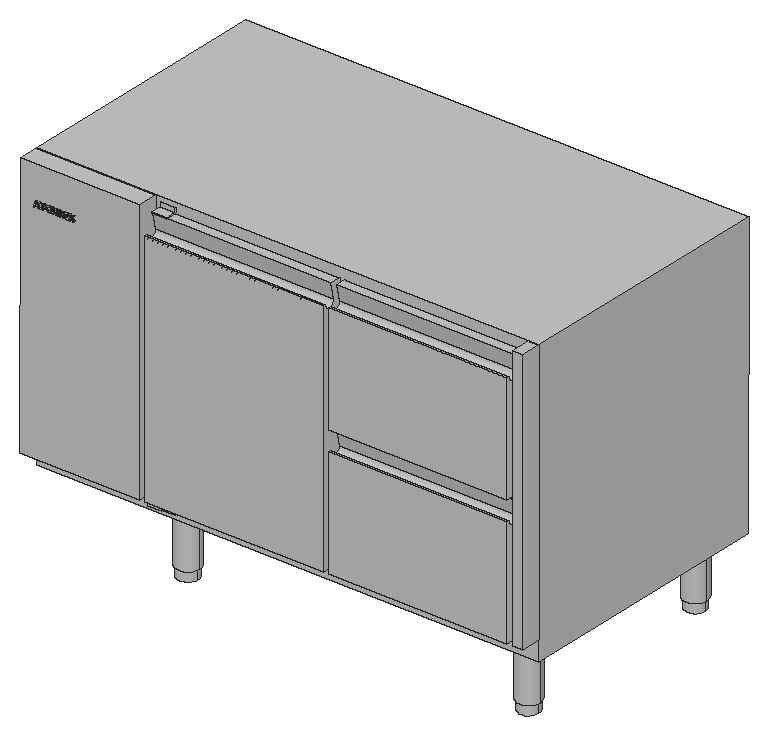
Revit family "QF_ALPENINOX_721019_AK2R7AB", category Attrezzature speciali, Revit 2018
Family settings
  Quota connettore circolare = Usa diametro
  Tipo di parte = Normale
  Basato su piano di lavoro = No
  Sempre verticale = Sì
  Taglio con vuoti quando caricato = No
  Condiviso = No
  Punto di calcolo locali = No
Parameters (values of type "Standard")
  Weight = 92.00 kg
  Watts = 220 W
  Volts = 220 V
  URL Manufacturer = "http://www.alpeninox.com"
  URL = "http://www.alpeninox.com"
  Steam Supply Size = 0 mm
  Steam Supply Minimum Pressure = 0.0 Pa
  Steam Supply Maximum Pressure = 0.0 Pa
  Steam Consumption per Hour = 0
  Refrigeration Suction Line Size = 0 mm
  Refrigeration Liquid Line Size = 0 mm
  Refrigerant Compressor Remote = yes
  Produttore = "Alpeninox"
  Phase = 1
  Modello = "AK2R7AB"
  Length Actual = 1241 mm  # constant formula
  Item Number = "721019"
  Hot Water Size = 0 mm
  Height Actual = 850 mm  # constant formula
  HP = "0.3 HP"
  Gas Size = 0 mm
  Gas KW = 0
  Gas Input Pressure = 0 W
  Direct Waste Size = 0 mm
  Descrizione = "1-DOOR AND 2X1/2-DRAWER REFRIGERATED COUNTER, -2+10°C, FULL AISI 304 (R290), WITHOUT WORK TOP"
  Depth Actual = 700 mm  # constant formula
  Cycle = 50 Hz
  Condensate Return Size = 0 mm
  Compressed Air Volume = 0.0 L/s
  Compressed Air Size = 0 mm
  Compressed Air Pressure = 0.0 Pa
  Cold Water Size = 0 mm
  Accessory = yes
Values of the unnamed type that differ from the named types
  Weight = 0.00 kg
  Watts = 0 W
  Volts = 0 V
  URL Manufacturer = ""
  Item Number = ""
  HP = ""
  Cycle = 0 Hz
Reference planes
  plane 1: z = 0
  plane 2 "Center (Left/Right)": x = -126.5
  plane 3 "Center (Front/Back)": y = 64.5
  plane 4 "FEET": z = 150
  plane 5 "TOP": z = 900
  plane 6 "PLAIN": z = 850
  plane 7 "EI_back": y = 103
  plane 8 "EI_left": x = -686
  plane 9 "BACK": y = 412
  plane 10 "FRONT": y = -283
  plane 11 "DOOR": y = -233
  plane 12 "LEFT": x = -747
  plane 13 "RIGHT": x = 494
  plane 14: x = -722
  plane 15: x = 469
Forms (mm)
  Extrusion 1, solid, material "QF_Finishes_Stainless Steel"
    sketch origin (-1022.223, -1524, 150) x (-1, 0, 0) y (0, -1, 0)
      loop
        circle (-336.223, -1627) r 5
    from 0 to -40
  Extrusion 2, solid, material "QF_Finishes_Stainless Steel"
    sketch origin (-1022.223, -1524, 150) x (-1, 0, 0) y (0, -1, 0)
      loop
        line (-1491.223, -1291) -> (-1491.223, -1241) -> (-1516.223, -1241) -> (-1516.223, -1291) -> (-1491.223, -1291)
    from 48 to 700
  Extrusion 3, solid, material "QF_Finishes_Stainless Steel"
    sketch origin (-1022.223, -1524, 150) x (-1, 0, 0) y (0, -1, 0)
      loop
        line (-275.223, -1936) -> (-275.223, -1291) -> (-1516.223, -1291) -> (-1516.223, -1936) -> (-275.223, -1936)
    from 0 to 700
Lines and regions (mm)
  symbolic lines, style "SpecialityEquipmentHiddenLines"
    curve 1: line (-747, 412, 150) -> (494, 412, 150)
    curve 2: line (-747, -283, 150) -> (-747, 412, 150)
    curve 3: line (494, -283, 150) -> (-747, -283, 150)
    curve 4: line (494, 412, 150) -> (494, -283, 150)
    curve 5: line (-747, -233, 150) -> (494, -233, 150)
    curve 6: line (469, -283, 150) -> (469, -233, 150)
Dimensions and locks
  plane 4 "FEET" to level = 150 mm
  plane 11 "DOOR" to plane 10 "FRONT" = 50 mm
  plane 6 "PLAIN" to plane 4 "FEET" = 700 mm
  plane 5 "TOP" to plane 6 "PLAIN" = 50 mm
  plane 12 "LEFT" to plane 14 = 25 mm
  plane 15 to plane 13 "RIGHT" = 25 mm
  plane 9 "BACK" to plane 7 "EI_back" = 309 mm
  plane 12 "LEFT" to plane 8 "EI_left" = 61 mm
  plane 12 "LEFT" to plane 13 "RIGHT" = 1241 mm
  equal spacing: plane 12 "LEFT", plane 2 "Center (Left/Right)", plane 13 "RIGHT"
  plane 9 "BACK" to plane 10 "FRONT" = 695 mm
  equal spacing: plane 9 "BACK", plane 3 "Center (Front/Back)", plane 10 "FRONT"
  aligned and locked: level to plane 1
  aligned and locked: plane 13 "RIGHT" to Extrusion 2
  aligned and locked: Extrusion 2 to plane 15
Automatic sketch dimensions
  Extrusion 1 sketch curve to plane 7 "EI_back" = 0 mm
  Extrusion 1 sketch curve to plane 8 "EI_left" = 0 mm
  Extrusion 2 sketch curve to plane 11 "DOOR" = 0 mm
  Extrusion 2 sketch curve to plane 13 "RIGHT" = 0 mm
  Extrusion 2 sketch curve to plane 10 "FRONT" = 0 mm
  Extrusion 2 sketch curve to plane 15 = 0 mm
  Extrusion 3 sketch curve to plane 9 "BACK" = 0 mm
  Extrusion 3 sketch curve to plane 13 "RIGHT" = 0 mm
  Extrusion 3 sketch curve to plane 11 "DOOR" = 0 mm
  Extrusion 3 sketch curve to plane 12 "LEFT" = 0 mm
  curve 1 to plane 13 "RIGHT" = 0 mm
  curve 6 to plane 10 "FRONT" = 0 mm
  curve 6 to plane 15 = 0 mm
  curve 5 to plane 12 "LEFT" = 0 mm
  curve 6 to plane 11 "DOOR" = 0 mm
  curve 1 to plane 9 "BACK" = 0 mm
  radius of Extrusion 1 sketch curve = 5 mm
Nested families
  nested 1: "HPC_Refrigerator" at (494, -283, 0), type "HPC_Refrigerator"
  nested 2: "HPC_FEET" at (-413, 331, 0), type "HPC_FEET"
  nested 3: "HPC_FEET" at (428, 331, 0), type "HPC_FEET"
  nested 4: "HPC_FEET" at (-413, -183, 0), type "HPC_FEET"
  nested 5: "HPC_FEET" at (428, -183, 0), type "HPC_FEET"
  nested 6: "HPC_APX_BI_TN_L" at (-540.08, -233, 598) x (1, 0, 0) z (0, -1, 0), type "HPC_APX_BI_TN_L"
    with Show Logo yes
  nested 7: "HPC_APX_SD_L" at (-219, -233, 512) x (1, 0, 0) z (0, -1, 0), type "HPC_APX_SD_L"
    with Show Clearance yes
  nested 8: "HPC_APX_HALF" at (235, -233, 512) x (1, 0, 0) z (0, -1, 0), type "HPC_APX_HALF"
    with Show Clearance yes
Connectors
  electrical at (-686, 103, 110), driven by "Volts"
    settings: on Extrusion 1, index 1, voltage 220 V, apparent load 0 VA, apparent load phase1 0 VA, apparent load phase2 0 VA, apparent load phase3 0 VA, power factor 1, load classification "Other", number of poles 1, system type 31, power factor state 1, is connector primary yes, connector utility no, sub classification motor no, connector description "Electrical Connection"
Definition of nested family "HPC_FEET"
  Parameters
    FEET = 150 mm
  Reference planes
    plane 1 "Center (Front/Back)": y = 0
    plane 2: z = 0
    plane 3 "Center (Left/Right)": x = 0
    plane 4: z = 150
  Forms (mm)
    Revolve 1, solid
      sketch origin (255.05, 0, 608.09) x (0, 0, 1) y (-1, 0, 0)
        loop
          line (-608.09, 255.05) -> (-608.09, 230.05) -> (-583.09, 230.05) -> (-583.09, 226.05) -> (-458.09, 226.05) -> (-458.09, 255.05) -> (-608.09, 255.05)
        axis (-608.09, 255.05) -> (-458.09, 255.05)
      angle from 0 to 360
  Dimensions and locks
    locked: Revolve 1 sketch curve to Revolve 1 sketch curve at 125
    "FEET": plane 4 to plane 2
    aligned and locked: level to plane 2
    aligned and locked: plane 4 to Revolve 1 sketch curve
    aligned and locked: Revolve 1 sketch curve to level
    aligned and locked: plane 3 "Center (Left/Right)" to Revolve 1 sketch curve
  Automatic sketch dimensions
    Revolve 1 sketch curve to plane 3 "Center (Left/Right)" = 0 mm
    Revolve 1 sketch curve to Revolve 1 sketch curve = 25 mm
    Revolve 1 sketch curve to Revolve 1 sketch curve = 29 mm
    plane 4 to Revolve 1 sketch curve = 50 mm
    Revolve 1 sketch curve to Revolve 1 sketch curve = 20 mm
Definition of nested family "HPC_APX_BI_TN_L"
  Parameters
    Show Logo [instance] = yes
    Default Elevation = 1219.2 mm
  Reference planes
    plane 1 "Center (Front/Back)": y = -74
    plane 2: z = 0
    plane 3 "Center (Left/Right)": x = -59.92
    plane 4: x = -206.92
    plane 5: x = 87.08
    plane 6: y = 252
    plane 7: y = -400
  Forms (mm)
    Extrusion 1, solid
      sketch origin (0, 0, 0) x (1, 0, 0) y (0, 1, 0)
        loop
          line (-1219.2, 1219.2) -> (-1219.2, -1219.2) -> (1219.2, -1219.2) -> (1219.2, 1219.2) -> (-1219.2, 1219.2)
      from 0 to -304.8
    Extrusion 2, solid
      sketch origin (0, 0, 0) x (1, 0, 0) y (0, 1, 0)
        loop
          line (-206.92, 252) -> (-206.92, -400) -> (87.08, -400) -> (87.08, 252) -> (-206.92, 252)
      from 0 to 50
    Extrusion 3, solid
      sketch origin (0, 0, 0) x (1, 0, 0) y (0, 1, 0)
        loop
          line (-168.675, 170.349) -> (-172.411, 160.318)
          arc (-172.411, 160.318) -> (-171.624, 158.497) -> (-169.837, 159.36) r 1.374
          line (-169.837, 159.36) -> (-169.268, 161.111) -> (-164.1, 161.111) -> (-163.54, 159.379)
          arc (-163.54, 159.379) -> (-161.802, 158.542) -> (-161.049, 160.318) r 1.333
          line (-161.049, 160.318) -> (-164.694, 170.349)
          arc (-164.694, 170.349) -> (-166.685, 171.876) -> (-168.675, 170.349) r 2.06
        loop
          line (-166.681, 169.055) -> (-168.469, 163.655) -> (-164.935, 163.655) -> (-166.681, 169.055)
        loop
          arc (-159.705, 160.042) -> (-159.262, 158.973) -> (-158.194, 158.531) r 1.512
          line (-158.194, 158.531) -> (-153.608, 158.531)
          arc (-153.608, 158.531) -> (-152.337, 159.802) -> (-153.608, 161.074) r 1.272
          line (-153.608, 161.074) -> (-156.917, 161.074) -> (-156.917, 170.328)
          arc (-156.917, 170.328) -> (-158.311, 171.722) -> (-159.705, 170.328) r 1.394
          line (-159.705, 170.328) -> (-159.705, 160.042)
        loop
          line (-151.076, 170.218) -> (-151.076, 159.859)
          arc (-151.076, 159.859) -> (-149.683, 158.466) -> (-148.29, 159.859) r 1.393
          line (-148.29, 159.859) -> (-148.29, 162.882) -> (-146.225, 162.882)
          arc (-146.225, 162.882) -> (-142.999, 163.859) -> (-141.608, 166.928) r 4.082
          arc (-141.608, 166.928) -> (-142.993, 170.272) -> (-146.336, 171.657) r 4.728
          line (-146.336, 171.657) -> (-149.638, 171.657)
          arc (-149.638, 171.657) -> (-150.655, 171.235) -> (-151.076, 170.218) r 1.439
        loop
          line (-148.29, 165.313) -> (-146.388, 165.313)
          arc (-146.388, 165.313) -> (-144.433, 167.268) -> (-146.388, 169.222) r 1.955
          line (-146.388, 169.222) -> (-148.29, 169.222) -> (-148.29, 165.313)
        loop
          arc (-131.184, 166.332) -> (-132.004, 168.2) -> (-133.767, 169.228) r 3.3
          arc (-133.767, 169.228) -> (-136.353, 168.661) -> (-137.611, 166.332) r 3.176
          line (-137.611, 166.332) -> (-131.184, 166.332)
        loop
          line (-137.538, 163.743) -> (-130.544, 163.743)
          arc (-130.544, 163.743) -> (-129.292, 163.916) -> (-128.301, 164.701) r 2.4
          arc (-128.301, 164.701) -> (-128.155, 165.545) -> (-128.212, 166.399) r 3.635
          arc (-128.212, 166.399) -> (-130.364, 170.162) -> (-134.39, 171.769) r 6.579
          arc (-134.39, 171.769) -> (-138.918, 169.706) -> (-140.661, 165.044) r 6.501
          arc (-140.661, 165.044) -> (-139.276, 160.789) -> (-135.401, 158.549) r 6.252
          arc (-135.401, 158.549) -> (-132.922, 158.526) -> (-130.544, 159.232) r 8.361
          arc (-130.544, 159.232) -> (-129.466, 159.781) -> (-128.641, 160.666) r 3.486
          arc (-128.641, 160.666) -> (-128.419, 161.592) -> (-128.828, 162.451) r 1.425
          arc (-128.828, 162.451) -> (-129.368, 162.762) -> (-129.99, 162.762) r 1.203
          arc (-129.99, 162.762) -> (-130.406, 162.59) -> (-130.764, 162.316) r 1.724
          arc (-130.764, 162.316) -> (-131.666, 161.705) -> (-132.646, 161.229) r 7.6
          arc (-132.646, 161.229) -> (-135.676, 161.35) -> (-137.538, 163.743) r 3.6
        loop
          line (-126.669, 170.328) -> (-126.669, 159.859)
          arc (-126.669, 159.859) -> (-125.273, 158.463) -> (-123.878, 159.859) r 1.396
          line (-123.878, 159.859) -> (-123.878, 166.785) -> (-117.946, 159.029)
          arc (-117.946, 159.029) -> (-116.361, 158.51) -> (-115.379, 159.859) r 1.417
          line (-115.379, 159.859) -> (-115.379, 170.328)
          arc (-115.379, 170.328) -> (-116.774, 171.723) -> (-118.169, 170.328) r 1.395
          line (-118.169, 170.328) -> (-118.169, 163.311) -> (-124.101, 171.157)
          arc (-124.101, 171.157) -> (-125.687, 171.678) -> (-126.669, 170.328) r 1.418
        loop
          arc (-113.636, 159.859) -> (-112.241, 158.464) -> (-110.847, 159.859) r 1.394
          line (-110.847, 159.859) -> (-110.847, 170.328)
          arc (-110.847, 170.328) -> (-112.241, 171.723) -> (-113.636, 170.328) r 1.394
          line (-113.636, 170.328) -> (-113.636, 159.859)
        loop
          line (-109.102, 170.328) -> (-109.102, 159.859)
          arc (-109.102, 159.859) -> (-107.706, 158.463) -> (-106.31, 159.859) r 1.396
          line (-106.31, 159.859) -> (-106.31, 166.785) -> (-100.378, 159.029)
          arc (-100.378, 159.029) -> (-98.793, 158.51) -> (-97.812, 159.859) r 1.417
          line (-97.812, 159.859) -> (-97.812, 170.328)
          arc (-97.812, 170.328) -> (-99.207, 171.723) -> (-100.602, 170.328) r 1.395
          line (-100.602, 170.328) -> (-100.602, 163.311) -> (-106.533, 171.157)
          arc (-106.533, 171.157) -> (-108.119, 171.678) -> (-109.102, 170.328) r 1.418
        loop
          arc (-96.345, 165.093) -> (-95.619, 161.877) -> (-93.467, 159.379) r 6.806
          arc (-93.467, 159.379) -> (-91.792, 158.566) -> (-89.948, 158.31) r 5.956
          arc (-89.948, 158.31) -> (-88.104, 158.566) -> (-86.43, 159.379) r 5.956
          arc (-86.43, 159.379) -> (-84.277, 161.877) -> (-83.551, 165.093) r 6.806
          arc (-83.551, 165.093) -> (-84.277, 168.31) -> (-86.43, 170.808) r 6.806
          arc (-86.43, 170.808) -> (-88.104, 171.621) -> (-89.948, 171.877) r 5.956
          arc (-89.948, 171.877) -> (-91.792, 171.621) -> (-93.467, 170.808) r 5.956
          arc (-93.467, 170.808) -> (-95.619, 168.31) -> (-96.345, 165.093) r 6.806
        loop
          arc (-93.425, 165.093) -> (-93.138, 163.212) -> (-92.081, 161.629) r 4.387
          arc (-92.081, 161.629) -> (-91.087, 161.049) -> (-89.948, 160.881) r 3.035
          arc (-89.948, 160.881) -> (-88.809, 161.049) -> (-87.815, 161.629) r 3.035
          arc (-87.815, 161.629) -> (-86.759, 163.212) -> (-86.472, 165.093) r 4.387
          arc (-86.472, 165.093) -> (-86.759, 166.975) -> (-87.815, 168.558) r 4.387
          arc (-87.815, 168.558) -> (-88.809, 169.138) -> (-89.948, 169.306) r 3.035
          arc (-89.948, 169.306) -> (-91.087, 169.138) -> (-92.081, 168.558) r 3.035
          arc (-92.081, 168.558) -> (-93.138, 166.975) -> (-93.425, 165.093) r 4.387
        loop
          line (-83.139, 169.609) -> (-80.126, 165.552) -> (-83.81, 160.652)
          arc (-83.81, 160.652) -> (-83.512, 158.692) -> (-81.559, 159.029) r 1.388
          line (-81.559, 159.029) -> (-78.51, 163.232) -> (-75.461, 159.029)
          arc (-75.461, 159.029) -> (-73.507, 158.692) -> (-73.21, 160.652) r 1.388
          line (-73.21, 160.652) -> (-76.894, 165.552) -> (-73.881, 169.609)
          arc (-73.881, 169.609) -> (-74.249, 171.597) -> (-76.205, 171.084) r 1.38
          line (-76.205, 171.084) -> (-78.51, 167.841) -> (-80.815, 171.084)
          arc (-80.815, 171.084) -> (-82.771, 171.597) -> (-83.139, 169.609) r 1.38
      from 50 to 51.6
  Lines and regions (mm)
    Split face 1
      outline origin (0, 0, 50) x (1, 0, 0) y (0, 1, 0)
        loop
          line (87.08, 183) -> (-172.92, 183)
          arc (-172.92, 183) -> (-190.42, 165.5) -> (-172.92, 148) r 17.5
          line (-172.92, 148) -> (87.08, 148)
    Split face 2
      outline origin (-38, 0, 50) x (1, 0, 0) y (0, 1, 0)
        loop
          line (-5.42, 177) -> (-5.42, 154) -> (64.58, 154) -> (64.58, 177) -> (-5.42, 177)
    Split face 3
      outline origin (-38, 0, 50) x (1, 0, 0) y (0, 1, 0)
        loop
          line (44.58, 174) -> (44.58, 157) -> (61.58, 157) -> (61.58, 174) -> (44.58, 174)
    Split face 4
      outline origin (0, 0, 50) x (1, 0, 0) y (0, 1, 0)
        loop
          line (-206.92, 188) -> (87.08, 188)
    Split face 5
      outline origin (0, 0, 50) x (1, 0, 0) y (0, 1, 0)
        loop
          arc (-163.464, 131.824) -> (-167.464, 127.824) -> (-163.464, 123.824) r 4
          line (-163.464, 123.824) -> (-121.464, 123.824)
          arc (-121.464, 123.824) -> (-117.464, 127.824) -> (-121.464, 131.824) r 4
          line (-121.464, 131.824) -> (-163.464, 131.824)
    Split face 6
      outline origin (330, 0, 50) x (1, 0, 0) y (0, 1, 0)
        loop
          arc (-328.464, 131.824) -> (-332.464, 127.824) -> (-328.464, 123.824) r 4
          line (-328.464, 123.824) -> (-286.464, 123.824)
          arc (-286.464, 123.824) -> (-282.464, 127.824) -> (-286.464, 131.824) r 4
          line (-286.464, 131.824) -> (-328.464, 131.824)
    Split face 7
      outline origin (110, 0, 50) x (1, 0, 0) y (0, 1, 0)
        loop
          arc (-218.464, 131.824) -> (-222.464, 127.824) -> (-218.464, 123.824) r 4
          line (-218.464, 123.824) -> (-176.464, 123.824)
          arc (-176.464, 123.824) -> (-172.464, 127.824) -> (-176.464, 131.824) r 4
          line (-176.464, 131.824) -> (-218.464, 131.824)
    Split face 8
      outline origin (220, 0, 50) x (1, 0, 0) y (0, 1, 0)
        loop
          arc (-273.464, 131.824) -> (-277.464, 127.824) -> (-273.464, 123.824) r 4
          line (-273.464, 123.824) -> (-231.464, 123.824)
          arc (-231.464, 123.824) -> (-227.464, 127.824) -> (-231.464, 131.824) r 4
          line (-231.464, 131.824) -> (-273.464, 131.824)
    Split face 9
      outline origin (0, -24, 50) x (1, 0, 0) y (0, 1, 0)
        loop
          arc (-163.464, 143.824) -> (-167.464, 139.824) -> (-163.464, 135.824) r 4
          line (-163.464, 135.824) -> (-121.464, 135.824)
          arc (-121.464, 135.824) -> (-117.464, 139.824) -> (-121.464, 143.824) r 4
          line (-121.464, 143.824) -> (-163.464, 143.824)
    Split face 10
      outline origin (330, -24, 50) x (1, 0, 0) y (0, 1, 0)
        loop
          arc (-328.464, 143.824) -> (-332.464, 139.824) -> (-328.464, 135.824) r 4
          line (-328.464, 135.824) -> (-286.464, 135.824)
          arc (-286.464, 135.824) -> (-282.464, 139.824) -> (-286.464, 143.824) r 4
          line (-286.464, 143.824) -> (-328.464, 143.824)
    Split face 11
      outline origin (110, -24, 50) x (1, 0, 0) y (0, 1, 0)
        loop
          arc (-218.464, 143.824) -> (-222.464, 139.824) -> (-218.464, 135.824) r 4
          line (-218.464, 135.824) -> (-176.464, 135.824)
          arc (-176.464, 135.824) -> (-172.464, 139.824) -> (-176.464, 143.824) r 4
          line (-176.464, 143.824) -> (-218.464, 143.824)
    Split face 12
      outline origin (220, -24, 50) x (1, 0, 0) y (0, 1, 0)
        loop
          arc (-273.464, 143.824) -> (-277.464, 139.824) -> (-273.464, 135.824) r 4
          line (-273.464, 135.824) -> (-231.464, 135.824)
          arc (-231.464, 135.824) -> (-227.464, 139.824) -> (-231.464, 143.824) r 4
          line (-231.464, 143.824) -> (-273.464, 143.824)
    Split face 13
      outline origin (0, -48, 50) x (1, 0, 0) y (0, 1, 0)
        loop
          arc (-163.464, 155.824) -> (-167.464, 151.824) -> (-163.464, 147.824) r 4
          line (-163.464, 147.824) -> (-121.464, 147.824)
          arc (-121.464, 147.824) -> (-117.464, 151.824) -> (-121.464, 155.824) r 4
          line (-121.464, 155.824) -> (-163.464, 155.824)
    Split face 14
      outline origin (330, -48, 50) x (1, 0, 0) y (0, 1, 0)
        loop
          arc (-328.464, 155.824) -> (-332.464, 151.824) -> (-328.464, 147.824) r 4
          line (-328.464, 147.824) -> (-286.464, 147.824)
          arc (-286.464, 147.824) -> (-282.464, 151.824) -> (-286.464, 155.824) r 4
          line (-286.464, 155.824) -> (-328.464, 155.824)
    Split face 15
      outline origin (110, -48, 50) x (1, 0, 0) y (0, 1, 0)
        loop
          arc (-218.464, 155.824) -> (-222.464, 151.824) -> (-218.464, 147.824) r 4
          line (-218.464, 147.824) -> (-176.464, 147.824)
          arc (-176.464, 147.824) -> (-172.464, 151.824) -> (-176.464, 155.824) r 4
          line (-176.464, 155.824) -> (-218.464, 155.824)
    Split face 16
      outline origin (220, -48, 50) x (1, 0, 0) y (0, 1, 0)
        loop
          arc (-273.464, 155.824) -> (-277.464, 151.824) -> (-273.464, 147.824) r 4
          line (-273.464, 147.824) -> (-231.464, 147.824)
          arc (-231.464, 147.824) -> (-227.464, 151.824) -> (-231.464, 155.824) r 4
          line (-231.464, 155.824) -> (-273.464, 155.824)
    Split face 17
      outline origin (0, -72, 50) x (1, 0, 0) y (0, 1, 0)
        loop
          arc (-163.464, 167.824) -> (-167.464, 163.824) -> (-163.464, 159.824) r 4
          line (-163.464, 159.824) -> (-121.464, 159.824)
          arc (-121.464, 159.824) -> (-117.464, 163.824) -> (-121.464, 167.824) r 4
          line (-121.464, 167.824) -> (-163.464, 167.824)
    Split face 18
      outline origin (330, -72, 50) x (1, 0, 0) y (0, 1, 0)
        loop
          arc (-328.464, 167.824) -> (-332.464, 163.824) -> (-328.464, 159.824) r 4
          line (-328.464, 159.824) -> (-286.464, 159.824)
          arc (-286.464, 159.824) -> (-282.464, 163.824) -> (-286.464, 167.824) r 4
          line (-286.464, 167.824) -> (-328.464, 167.824)
    Split face 19
      outline origin (110, -72, 50) x (1, 0, 0) y (0, 1, 0)
        loop
          arc (-218.464, 167.824) -> (-222.464, 163.824) -> (-218.464, 159.824) r 4
          line (-218.464, 159.824) -> (-176.464, 159.824)
          arc (-176.464, 159.824) -> (-172.464, 163.824) -> (-176.464, 167.824) r 4
          line (-176.464, 167.824) -> (-218.464, 167.824)
    Split face 20
      outline origin (220, -72, 50) x (1, 0, 0) y (0, 1, 0)
        loop
          arc (-273.464, 167.824) -> (-277.464, 163.824) -> (-273.464, 159.824) r 4
          line (-273.464, 159.824) -> (-231.464, 159.824)
          arc (-231.464, 159.824) -> (-227.464, 163.824) -> (-231.464, 167.824) r 4
          line (-231.464, 167.824) -> (-273.464, 167.824)
    Split face 21
      outline origin (0, -96, 50) x (1, 0, 0) y (0, 1, 0)
        loop
          arc (-163.464, 179.824) -> (-167.464, 175.824) -> (-163.464, 171.824) r 4
          line (-163.464, 171.824) -> (-121.464, 171.824)
          arc (-121.464, 171.824) -> (-117.464, 175.824) -> (-121.464, 179.824) r 4
          line (-121.464, 179.824) -> (-163.464, 179.824)
    Split face 22
      outline origin (330, -96, 50) x (1, 0, 0) y (0, 1, 0)
        loop
          arc (-328.464, 179.824) -> (-332.464, 175.824) -> (-328.464, 171.824) r 4
          line (-328.464, 171.824) -> (-286.464, 171.824)
          arc (-286.464, 171.824) -> (-282.464, 175.824) -> (-286.464, 179.824) r 4
          line (-286.464, 179.824) -> (-328.464, 179.824)
    Split face 23
      outline origin (110, -96, 50) x (1, 0, 0) y (0, 1, 0)
        loop
          arc (-218.464, 179.824) -> (-222.464, 175.824) -> (-218.464, 171.824) r 4
          line (-218.464, 171.824) -> (-176.464, 171.824)
          arc (-176.464, 171.824) -> (-172.464, 175.824) -> (-176.464, 179.824) r 4
          line (-176.464, 179.824) -> (-218.464, 179.824)
    Split face 24
      outline origin (220, -96, 50) x (1, 0, 0) y (0, 1, 0)
        loop
          arc (-273.464, 179.824) -> (-277.464, 175.824) -> (-273.464, 171.824) r 4
          line (-273.464, 171.824) -> (-231.464, 171.824)
          arc (-231.464, 171.824) -> (-227.464, 175.824) -> (-231.464, 179.824) r 4
          line (-231.464, 179.824) -> (-273.464, 179.824)
    Split face 25
      outline origin (0, -120, 50) x (1, 0, 0) y (0, 1, 0)
        loop
          arc (-163.464, 191.824) -> (-167.464, 187.824) -> (-163.464, 183.824) r 4
          line (-163.464, 183.824) -> (-121.464, 183.824)
          arc (-121.464, 183.824) -> (-117.464, 187.824) -> (-121.464, 191.824) r 4
          line (-121.464, 191.824) -> (-163.464, 191.824)
    Split face 26
      outline origin (330, -120, 50) x (1, 0, 0) y (0, 1, 0)
        loop
          arc (-328.464, 191.824) -> (-332.464, 187.824) -> (-328.464, 183.824) r 4
          line (-328.464, 183.824) -> (-286.464, 183.824)
          arc (-286.464, 183.824) -> (-282.464, 187.824) -> (-286.464, 191.824) r 4
          line (-286.464, 191.824) -> (-328.464, 191.824)
    Split face 27
      outline origin (110, -120, 50) x (1, 0, 0) y (0, 1, 0)
        loop
          arc (-218.464, 191.824) -> (-222.464, 187.824) -> (-218.464, 183.824) r 4
          line (-218.464, 183.824) -> (-176.464, 183.824)
          arc (-176.464, 183.824) -> (-172.464, 187.824) -> (-176.464, 191.824) r 4
          line (-176.464, 191.824) -> (-218.464, 191.824)
    Split face 28
      outline origin (220, -120, 50) x (1, 0, 0) y (0, 1, 0)
        loop
          arc (-273.464, 191.824) -> (-277.464, 187.824) -> (-273.464, 183.824) r 4
          line (-273.464, 183.824) -> (-231.464, 183.824)
          arc (-231.464, 183.824) -> (-227.464, 187.824) -> (-231.464, 191.824) r 4
          line (-231.464, 191.824) -> (-273.464, 191.824)
    Split face 29
      outline origin (0, -144, 50) x (1, 0, 0) y (0, 1, 0)
        loop
          arc (-163.464, 203.824) -> (-167.464, 199.824) -> (-163.464, 195.824) r 4
          line (-163.464, 195.824) -> (-121.464, 195.824)
          arc (-121.464, 195.824) -> (-117.464, 199.824) -> (-121.464, 203.824) r 4
          line (-121.464, 203.824) -> (-163.464, 203.824)
    Split face 30
      outline origin (330, -144, 50) x (1, 0, 0) y (0, 1, 0)
        loop
          arc (-328.464, 203.824) -> (-332.464, 199.824) -> (-328.464, 195.824) r 4
          line (-328.464, 195.824) -> (-286.464, 195.824)
          arc (-286.464, 195.824) -> (-282.464, 199.824) -> (-286.464, 203.824) r 4
          line (-286.464, 203.824) -> (-328.464, 203.824)
    Split face 31
      outline origin (110, -144, 50) x (1, 0, 0) y (0, 1, 0)
        loop
          arc (-218.464, 203.824) -> (-222.464, 199.824) -> (-218.464, 195.824) r 4
          line (-218.464, 195.824) -> (-176.464, 195.824)
          arc (-176.464, 195.824) -> (-172.464, 199.824) -> (-176.464, 203.824) r 4
          line (-176.464, 203.824) -> (-218.464, 203.824)
    Split face 32
      outline origin (220, -144, 50) x (1, 0, 0) y (0, 1, 0)
        loop
          arc (-273.464, 203.824) -> (-277.464, 199.824) -> (-273.464, 195.824) r 4
          line (-273.464, 195.824) -> (-231.464, 195.824)
          arc (-231.464, 195.824) -> (-227.464, 199.824) -> (-231.464, 203.824) r 4
          line (-231.464, 203.824) -> (-273.464, 203.824)
    Split face 33
      outline origin (0, -168, 50) x (1, 0, 0) y (0, 1, 0)
        loop
          arc (-163.464, 215.824) -> (-167.464, 211.824) -> (-163.464, 207.824) r 4
          line (-163.464, 207.824) -> (-121.464, 207.824)
          arc (-121.464, 207.824) -> (-117.464, 211.824) -> (-121.464, 215.824) r 4
          line (-121.464, 215.824) -> (-163.464, 215.824)
    Split face 34
      outline origin (330, -168, 50) x (1, 0, 0) y (0, 1, 0)
        loop
          arc (-328.464, 215.824) -> (-332.464, 211.824) -> (-328.464, 207.824) r 4
          line (-328.464, 207.824) -> (-286.464, 207.824)
          arc (-286.464, 207.824) -> (-282.464, 211.824) -> (-286.464, 215.824) r 4
          line (-286.464, 215.824) -> (-328.464, 215.824)
    Split face 35
      outline origin (110, -168, 50) x (1, 0, 0) y (0, 1, 0)
        loop
          arc (-218.464, 215.824) -> (-222.464, 211.824) -> (-218.464, 207.824) r 4
          line (-218.464, 207.824) -> (-176.464, 207.824)
          arc (-176.464, 207.824) -> (-172.464, 211.824) -> (-176.464, 215.824) r 4
          line (-176.464, 215.824) -> (-218.464, 215.824)
    Split face 36
      outline origin (220, -168, 50) x (1, 0, 0) y (0, 1, 0)
        loop
          arc (-273.464, 215.824) -> (-277.464, 211.824) -> (-273.464, 207.824) r 4
          line (-273.464, 207.824) -> (-231.464, 207.824)
          arc (-231.464, 207.824) -> (-227.464, 211.824) -> (-231.464, 215.824) r 4
          line (-231.464, 215.824) -> (-273.464, 215.824)
    Split face 37
      outline origin (0, -192, 50) x (1, 0, 0) y (0, 1, 0)
        loop
          arc (-163.464, 227.824) -> (-167.464, 223.824) -> (-163.464, 219.824) r 4
          line (-163.464, 219.824) -> (-121.464, 219.824)
          arc (-121.464, 219.824) -> (-117.464, 223.824) -> (-121.464, 227.824) r 4
          line (-121.464, 227.824) -> (-163.464, 227.824)
    Split face 38
      outline origin (330, -192, 50) x (1, 0, 0) y (0, 1, 0)
        loop
          arc (-328.464, 227.824) -> (-332.464, 223.824) -> (-328.464, 219.824) r 4
          line (-328.464, 219.824) -> (-286.464, 219.824)
          arc (-286.464, 219.824) -> (-282.464, 223.824) -> (-286.464, 227.824) r 4
          line (-286.464, 227.824) -> (-328.464, 227.824)
    Split face 39
      outline origin (110, -192, 50) x (1, 0, 0) y (0, 1, 0)
        loop
          arc (-218.464, 227.824) -> (-222.464, 223.824) -> (-218.464, 219.824) r 4
          line (-218.464, 219.824) -> (-176.464, 219.824)
          arc (-176.464, 219.824) -> (-172.464, 223.824) -> (-176.464, 227.824) r 4
          line (-176.464, 227.824) -> (-218.464, 227.824)
    Split face 40
      outline origin (220, -192, 50) x (1, 0, 0) y (0, 1, 0)
        loop
          arc (-273.464, 227.824) -> (-277.464, 223.824) -> (-273.464, 219.824) r 4
          line (-273.464, 219.824) -> (-231.464, 219.824)
          arc (-231.464, 219.824) -> (-227.464, 223.824) -> (-231.464, 227.824) r 4
          line (-231.464, 227.824) -> (-273.464, 227.824)
    Split face 41
      outline origin (0, -216, 50) x (1, 0, 0) y (0, 1, 0)
        loop
          arc (-163.464, 239.824) -> (-167.464, 235.824) -> (-163.464, 231.824) r 4
          line (-163.464, 231.824) -> (-121.464, 231.824)
          arc (-121.464, 231.824) -> (-117.464, 235.824) -> (-121.464, 239.824) r 4
          line (-121.464, 239.824) -> (-163.464, 239.824)
    Split face 42
      outline origin (330, -216, 50) x (1, 0, 0) y (0, 1, 0)
        loop
          arc (-328.464, 239.824) -> (-332.464, 235.824) -> (-328.464, 231.824) r 4
          line (-328.464, 231.824) -> (-286.464, 231.824)
          arc (-286.464, 231.824) -> (-282.464, 235.824) -> (-286.464, 239.824) r 4
          line (-286.464, 239.824) -> (-328.464, 239.824)
    Split face 43
      outline origin (110, -216, 50) x (1, 0, 0) y (0, 1, 0)
        loop
          arc (-218.464, 239.824) -> (-222.464, 235.824) -> (-218.464, 231.824) r 4
          line (-218.464, 231.824) -> (-176.464, 231.824)
          arc (-176.464, 231.824) -> (-172.464, 235.824) -> (-176.464, 239.824) r 4
          line (-176.464, 239.824) -> (-218.464, 239.824)
    Split face 44
      outline origin (220, -216, 50) x (1, 0, 0) y (0, 1, 0)
        loop
          arc (-273.464, 239.824) -> (-277.464, 235.824) -> (-273.464, 231.824) r 4
          line (-273.464, 231.824) -> (-231.464, 231.824)
          arc (-231.464, 231.824) -> (-227.464, 235.824) -> (-231.464, 239.824) r 4
          line (-231.464, 239.824) -> (-273.464, 239.824)
    Split face 45
      outline origin (0, -240, 50) x (1, 0, 0) y (0, 1, 0)
        loop
          arc (-163.464, 251.824) -> (-167.464, 247.824) -> (-163.464, 243.824) r 4
          line (-163.464, 243.824) -> (-121.464, 243.824)
          arc (-121.464, 243.824) -> (-117.464, 247.824) -> (-121.464, 251.824) r 4
          line (-121.464, 251.824) -> (-163.464, 251.824)
    Split face 46
      outline origin (330, -240, 50) x (1, 0, 0) y (0, 1, 0)
        loop
          arc (-328.464, 251.824) -> (-332.464, 247.824) -> (-328.464, 243.824) r 4
          line (-328.464, 243.824) -> (-286.464, 243.824)
          arc (-286.464, 243.824) -> (-282.464, 247.824) -> (-286.464, 251.824) r 4
          line (-286.464, 251.824) -> (-328.464, 251.824)
    Split face 47
      outline origin (110, -240, 50) x (1, 0, 0) y (0, 1, 0)
        loop
          arc (-218.464, 251.824) -> (-222.464, 247.824) -> (-218.464, 243.824) r 4
          line (-218.464, 243.824) -> (-176.464, 243.824)
          arc (-176.464, 243.824) -> (-172.464, 247.824) -> (-176.464, 251.824) r 4
          line (-176.464, 251.824) -> (-218.464, 251.824)
    Split face 48
      outline origin (220, -240, 50) x (1, 0, 0) y (0, 1, 0)
        loop
          arc (-273.464, 251.824) -> (-277.464, 247.824) -> (-273.464, 243.824) r 4
          line (-273.464, 243.824) -> (-231.464, 243.824)
          arc (-231.464, 243.824) -> (-227.464, 247.824) -> (-231.464, 251.824) r 4
          line (-231.464, 251.824) -> (-273.464, 251.824)
    Split face 49
      outline origin (0, -264, 50) x (1, 0, 0) y (0, 1, 0)
        loop
          arc (-163.464, 263.824) -> (-167.464, 259.824) -> (-163.464, 255.824) r 4
          line (-163.464, 255.824) -> (-121.464, 255.824)
          arc (-121.464, 255.824) -> (-117.464, 259.824) -> (-121.464, 263.824) r 4
          line (-121.464, 263.824) -> (-163.464, 263.824)
    Split face 50
      outline origin (330, -264, 50) x (1, 0, 0) y (0, 1, 0)
        loop
          arc (-328.464, 263.824) -> (-332.464, 259.824) -> (-328.464, 255.824) r 4
          line (-328.464, 255.824) -> (-286.464, 255.824)
          arc (-286.464, 255.824) -> (-282.464, 259.824) -> (-286.464, 263.824) r 4
          line (-286.464, 263.824) -> (-328.464, 263.824)
    Split face 51
      outline origin (110, -264, 50) x (1, 0, 0) y (0, 1, 0)
        loop
          arc (-218.464, 263.824) -> (-222.464, 259.824) -> (-218.464, 255.824) r 4
          line (-218.464, 255.824) -> (-176.464, 255.824)
          arc (-176.464, 255.824) -> (-172.464, 259.824) -> (-176.464, 263.824) r 4
          line (-176.464, 263.824) -> (-218.464, 263.824)
    Split face 52
      outline origin (220, -264, 50) x (1, 0, 0) y (0, 1, 0)
        loop
          arc (-273.464, 263.824) -> (-277.464, 259.824) -> (-273.464, 255.824) r 4
          line (-273.464, 255.824) -> (-231.464, 255.824)
          arc (-231.464, 255.824) -> (-227.464, 259.824) -> (-231.464, 263.824) r 4
          line (-231.464, 263.824) -> (-273.464, 263.824)
    Split face 53
      outline origin (0, -288, 50) x (1, 0, 0) y (0, 1, 0)
        loop
          arc (-163.464, 275.824) -> (-167.464, 271.824) -> (-163.464, 267.824) r 4
          line (-163.464, 267.824) -> (-121.464, 267.824)
          arc (-121.464, 267.824) -> (-117.464, 271.824) -> (-121.464, 275.824) r 4
          line (-121.464, 275.824) -> (-163.464, 275.824)
    Split face 54
      outline origin (330, -288, 50) x (1, 0, 0) y (0, 1, 0)
        loop
          arc (-328.464, 275.824) -> (-332.464, 271.824) -> (-328.464, 267.824) r 4
          line (-328.464, 267.824) -> (-286.464, 267.824)
          arc (-286.464, 267.824) -> (-282.464, 271.824) -> (-286.464, 275.824) r 4
          line (-286.464, 275.824) -> (-328.464, 275.824)
    Split face 55
      outline origin (110, -288, 50) x (1, 0, 0) y (0, 1, 0)
        loop
          arc (-218.464, 275.824) -> (-222.464, 271.824) -> (-218.464, 267.824) r 4
          line (-218.464, 267.824) -> (-176.464, 267.824)
          arc (-176.464, 267.824) -> (-172.464, 271.824) -> (-176.464, 275.824) r 4
          line (-176.464, 275.824) -> (-218.464, 275.824)
    Split face 56
      outline origin (220, -288, 50) x (1, 0, 0) y (0, 1, 0)
        loop
          arc (-273.464, 275.824) -> (-277.464, 271.824) -> (-273.464, 267.824) r 4
          line (-273.464, 267.824) -> (-231.464, 267.824)
          arc (-231.464, 267.824) -> (-227.464, 271.824) -> (-231.464, 275.824) r 4
          line (-231.464, 275.824) -> (-273.464, 275.824)
    Split face 57
      outline origin (0, -312, 50) x (1, 0, 0) y (0, 1, 0)
        loop
          arc (-163.464, 287.824) -> (-167.464, 283.824) -> (-163.464, 279.824) r 4
          line (-163.464, 279.824) -> (-121.464, 279.824)
          arc (-121.464, 279.824) -> (-117.464, 283.824) -> (-121.464, 287.824) r 4
          line (-121.464, 287.824) -> (-163.464, 287.824)
    Split face 58
      outline origin (330, -312, 50) x (1, 0, 0) y (0, 1, 0)
        loop
          arc (-328.464, 287.824) -> (-332.464, 283.824) -> (-328.464, 279.824) r 4
          line (-328.464, 279.824) -> (-286.464, 279.824)
          arc (-286.464, 279.824) -> (-282.464, 283.824) -> (-286.464, 287.824) r 4
          line (-286.464, 287.824) -> (-328.464, 287.824)
    Split face 59
      outline origin (110, -312, 50) x (1, 0, 0) y (0, 1, 0)
        loop
          arc (-218.464, 287.824) -> (-222.464, 283.824) -> (-218.464, 279.824) r 4
          line (-218.464, 279.824) -> (-176.464, 279.824)
          arc (-176.464, 279.824) -> (-172.464, 283.824) -> (-176.464, 287.824) r 4
          line (-176.464, 287.824) -> (-218.464, 287.824)
    Split face 60
      outline origin (220, -312, 50) x (1, 0, 0) y (0, 1, 0)
        loop
          arc (-273.464, 287.824) -> (-277.464, 283.824) -> (-273.464, 279.824) r 4
          line (-273.464, 279.824) -> (-231.464, 279.824)
          arc (-231.464, 279.824) -> (-227.464, 283.824) -> (-231.464, 287.824) r 4
          line (-231.464, 287.824) -> (-273.464, 287.824)
    Split face 61
      outline origin (0, -336, 50) x (1, 0, 0) y (0, 1, 0)
        loop
          arc (-163.464, 299.824) -> (-167.464, 295.824) -> (-163.464, 291.824) r 4
          line (-163.464, 291.824) -> (-121.464, 291.824)
          arc (-121.464, 291.824) -> (-117.464, 295.824) -> (-121.464, 299.824) r 4
          line (-121.464, 299.824) -> (-163.464, 299.824)
    Split face 62
      outline origin (330, -336, 50) x (1, 0, 0) y (0, 1, 0)
        loop
          arc (-328.464, 299.824) -> (-332.464, 295.824) -> (-328.464, 291.824) r 4
          line (-328.464, 291.824) -> (-286.464, 291.824)
          arc (-286.464, 291.824) -> (-282.464, 295.824) -> (-286.464, 299.824) r 4
          line (-286.464, 299.824) -> (-328.464, 299.824)
    Split face 63
      outline origin (110, -336, 50) x (1, 0, 0) y (0, 1, 0)
        loop
          arc (-218.464, 299.824) -> (-222.464, 295.824) -> (-218.464, 291.824) r 4
          line (-218.464, 291.824) -> (-176.464, 291.824)
          arc (-176.464, 291.824) -> (-172.464, 295.824) -> (-176.464, 299.824) r 4
          line (-176.464, 299.824) -> (-218.464, 299.824)
    Split face 64
      outline origin (220, -336, 50) x (1, 0, 0) y (0, 1, 0)
        loop
          arc (-273.464, 299.824) -> (-277.464, 295.824) -> (-273.464, 291.824) r 4
          line (-273.464, 291.824) -> (-231.464, 291.824)
          arc (-231.464, 291.824) -> (-227.464, 295.824) -> (-231.464, 299.824) r 4
          line (-231.464, 299.824) -> (-273.464, 299.824)
    Split face 65
      outline origin (0, -360, 50) x (1, 0, 0) y (0, 1, 0)
        loop
          arc (-163.464, 311.824) -> (-167.464, 307.824) -> (-163.464, 303.824) r 4
          line (-163.464, 303.824) -> (-121.464, 303.824)
          arc (-121.464, 303.824) -> (-117.464, 307.824) -> (-121.464, 311.824) r 4
          line (-121.464, 311.824) -> (-163.464, 311.824)
    Split face 66
      outline origin (330, -360, 50) x (1, 0, 0) y (0, 1, 0)
        loop
          arc (-328.464, 311.824) -> (-332.464, 307.824) -> (-328.464, 303.824) r 4
          line (-328.464, 303.824) -> (-286.464, 303.824)
          arc (-286.464, 303.824) -> (-282.464, 307.824) -> (-286.464, 311.824) r 4
          line (-286.464, 311.824) -> (-328.464, 311.824)
    Split face 67
      outline origin (110, -360, 50) x (1, 0, 0) y (0, 1, 0)
        loop
          arc (-218.464, 311.824) -> (-222.464, 307.824) -> (-218.464, 303.824) r 4
          line (-218.464, 303.824) -> (-176.464, 303.824)
          arc (-176.464, 303.824) -> (-172.464, 307.824) -> (-176.464, 311.824) r 4
          line (-176.464, 311.824) -> (-218.464, 311.824)
    Split face 68
      outline origin (220, -360, 50) x (1, 0, 0) y (0, 1, 0)
        loop
          arc (-273.464, 311.824) -> (-277.464, 307.824) -> (-273.464, 303.824) r 4
          line (-273.464, 303.824) -> (-231.464, 303.824)
          arc (-231.464, 303.824) -> (-227.464, 307.824) -> (-231.464, 311.824) r 4
          line (-231.464, 311.824) -> (-273.464, 311.824)
    Split face 69
      outline origin (0, 0, 50) x (1, 0, 0) y (0, 1, 0)
        loop
          line (-206.92, 143) -> (87.08, 143)
    Split face 70
      outline origin (0, -663.3, 50) x (1, 0, 0) y (0, 1, 0)
        loop
          arc (-163.464, 463.474) -> (-167.464, 459.474) -> (-163.464, 455.474) r 4
          line (-163.464, 455.474) -> (-121.464, 455.474)
          arc (-121.464, 455.474) -> (-117.464, 459.474) -> (-121.464, 463.474) r 4
          line (-121.464, 463.474) -> (-163.464, 463.474)
    Split face 71
      outline origin (330, -663.3, 50) x (1, 0, 0) y (0, 1, 0)
        loop
          arc (-328.464, 463.474) -> (-332.464, 459.474) -> (-328.464, 455.474) r 4
          line (-328.464, 455.474) -> (-286.464, 455.474)
          arc (-286.464, 455.474) -> (-282.464, 459.474) -> (-286.464, 463.474) r 4
          line (-286.464, 463.474) -> (-328.464, 463.474)
    Split face 72
      outline origin (110, -663.3, 50) x (1, 0, 0) y (0, 1, 0)
        loop
          arc (-218.464, 463.474) -> (-222.464, 459.474) -> (-218.464, 455.474) r 4
          line (-218.464, 455.474) -> (-176.464, 455.474)
          arc (-176.464, 455.474) -> (-172.464, 459.474) -> (-176.464, 463.474) r 4
          line (-176.464, 463.474) -> (-218.464, 463.474)
    Split face 73
      outline origin (220, -663.3, 50) x (1, 0, 0) y (0, 1, 0)
        loop
          arc (-273.464, 463.474) -> (-277.464, 459.474) -> (-273.464, 455.474) r 4
          line (-273.464, 455.474) -> (-231.464, 455.474)
          arc (-231.464, 455.474) -> (-227.464, 459.474) -> (-231.464, 463.474) r 4
          line (-231.464, 463.474) -> (-273.464, 463.474)
    Split face 74
      outline origin (0, -687.3, 50) x (1, 0, 0) y (0, 1, 0)
        loop
          arc (-163.464, 475.474) -> (-167.464, 471.474) -> (-163.464, 467.474) r 4
          line (-163.464, 467.474) -> (-121.464, 467.474)
          arc (-121.464, 467.474) -> (-117.464, 471.474) -> (-121.464, 475.474) r 4
          line (-121.464, 475.474) -> (-163.464, 475.474)
    Split face 75
      outline origin (330, -687.3, 50) x (1, 0, 0) y (0, 1, 0)
        loop
          arc (-328.464, 475.474) -> (-332.464, 471.474) -> (-328.464, 467.474) r 4
          line (-328.464, 467.474) -> (-286.464, 467.474)
          arc (-286.464, 467.474) -> (-282.464, 471.474) -> (-286.464, 475.474) r 4
          line (-286.464, 475.474) -> (-328.464, 475.474)
    Split face 76
      outline origin (110, -687.3, 50) x (1, 0, 0) y (0, 1, 0)
        loop
          arc (-218.464, 475.474) -> (-222.464, 471.474) -> (-218.464, 467.474) r 4
          line (-218.464, 467.474) -> (-176.464, 467.474)
          arc (-176.464, 467.474) -> (-172.464, 471.474) -> (-176.464, 475.474) r 4
          line (-176.464, 475.474) -> (-218.464, 475.474)
    Split face 77
      outline origin (220, -687.3, 50) x (1, 0, 0) y (0, 1, 0)
        loop
          arc (-273.464, 475.474) -> (-277.464, 471.474) -> (-273.464, 467.474) r 4
          line (-273.464, 467.474) -> (-231.464, 467.474)
          arc (-231.464, 467.474) -> (-227.464, 471.474) -> (-231.464, 475.474) r 4
          line (-231.464, 475.474) -> (-273.464, 475.474)
    Split face 78
      outline origin (0, -711.3, 50) x (1, 0, 0) y (0, 1, 0)
        loop
          arc (-163.464, 487.474) -> (-167.464, 483.474) -> (-163.464, 479.474) r 4
          line (-163.464, 479.474) -> (-121.464, 479.474)
          arc (-121.464, 479.474) -> (-117.464, 483.474) -> (-121.464, 487.474) r 4
          line (-121.464, 487.474) -> (-163.464, 487.474)
    Split face 79
      outline origin (330, -711.3, 50) x (1, 0, 0) y (0, 1, 0)
        loop
          arc (-328.464, 487.474) -> (-332.464, 483.474) -> (-328.464, 479.474) r 4
          line (-328.464, 479.474) -> (-286.464, 479.474)
          arc (-286.464, 479.474) -> (-282.464, 483.474) -> (-286.464, 487.474) r 4
          line (-286.464, 487.474) -> (-328.464, 487.474)
    Split face 80
      outline origin (110, -711.3, 50) x (1, 0, 0) y (0, 1, 0)
        loop
          arc (-218.464, 487.474) -> (-222.464, 483.474) -> (-218.464, 479.474) r 4
          line (-218.464, 479.474) -> (-176.464, 479.474)
          arc (-176.464, 479.474) -> (-172.464, 483.474) -> (-176.464, 487.474) r 4
          line (-176.464, 487.474) -> (-218.464, 487.474)
    Split face 81
      outline origin (220, -711.3, 50) x (1, 0, 0) y (0, 1, 0)
        loop
          arc (-273.464, 487.474) -> (-277.464, 483.474) -> (-273.464, 479.474) r 4
          line (-273.464, 479.474) -> (-231.464, 479.474)
          arc (-231.464, 479.474) -> (-227.464, 483.474) -> (-231.464, 487.474) r 4
          line (-231.464, 487.474) -> (-273.464, 487.474)
    Split face 82
      outline origin (0, -735.3, 50) x (1, 0, 0) y (0, 1, 0)
        loop
          arc (-163.464, 499.474) -> (-167.464, 495.474) -> (-163.464, 491.474) r 4
          line (-163.464, 491.474) -> (-121.464, 491.474)
          arc (-121.464, 491.474) -> (-117.464, 495.474) -> (-121.464, 499.474) r 4
          line (-121.464, 499.474) -> (-163.464, 499.474)
    Split face 83
      outline origin (330, -735.3, 50) x (1, 0, 0) y (0, 1, 0)
        loop
          arc (-328.464, 499.474) -> (-332.464, 495.474) -> (-328.464, 491.474) r 4
          line (-328.464, 491.474) -> (-286.464, 491.474)
          arc (-286.464, 491.474) -> (-282.464, 495.474) -> (-286.464, 499.474) r 4
          line (-286.464, 499.474) -> (-328.464, 499.474)
    Split face 84
      outline origin (110, -735.3, 50) x (1, 0, 0) y (0, 1, 0)
        loop
          arc (-218.464, 499.474) -> (-222.464, 495.474) -> (-218.464, 491.474) r 4
          line (-218.464, 491.474) -> (-176.464, 491.474)
          arc (-176.464, 491.474) -> (-172.464, 495.474) -> (-176.464, 499.474) r 4
          line (-176.464, 499.474) -> (-218.464, 499.474)
    Split face 85
      outline origin (220, -735.3, 50) x (1, 0, 0) y (0, 1, 0)
        loop
          arc (-273.464, 499.474) -> (-277.464, 495.474) -> (-273.464, 491.474) r 4
          line (-273.464, 491.474) -> (-231.464, 491.474)
          arc (-231.464, 491.474) -> (-227.464, 495.474) -> (-231.464, 499.474) r 4
          line (-231.464, 499.474) -> (-273.464, 499.474)
    Split face 86
      outline origin (0, -759.3, 50) x (1, 0, 0) y (0, 1, 0)
        loop
          arc (-163.464, 511.474) -> (-167.464, 507.474) -> (-163.464, 503.474) r 4
          line (-163.464, 503.474) -> (-121.464, 503.474)
          arc (-121.464, 503.474) -> (-117.464, 507.474) -> (-121.464, 511.474) r 4
          line (-121.464, 511.474) -> (-163.464, 511.474)
    Split face 87
      outline origin (330, -759.3, 50) x (1, 0, 0) y (0, 1, 0)
        loop
          arc (-328.464, 511.474) -> (-332.464, 507.474) -> (-328.464, 503.474) r 4
          line (-328.464, 503.474) -> (-286.464, 503.474)
          arc (-286.464, 503.474) -> (-282.464, 507.474) -> (-286.464, 511.474) r 4
          line (-286.464, 511.474) -> (-328.464, 511.474)
    Split face 88
      outline origin (110, -759.3, 50) x (1, 0, 0) y (0, 1, 0)
        loop
          arc (-218.464, 511.474) -> (-222.464, 507.474) -> (-218.464, 503.474) r 4
          line (-218.464, 503.474) -> (-176.464, 503.474)
          arc (-176.464, 503.474) -> (-172.464, 507.474) -> (-176.464, 511.474) r 4
          line (-176.464, 511.474) -> (-218.464, 511.474)
    Split face 89
      outline origin (220, -759.3, 50) x (1, 0, 0) y (0, 1, 0)
        loop
          arc (-273.464, 511.474) -> (-277.464, 507.474) -> (-273.464, 503.474) r 4
          line (-273.464, 503.474) -> (-231.464, 503.474)
          arc (-231.464, 503.474) -> (-227.464, 507.474) -> (-231.464, 511.474) r 4
          line (-231.464, 511.474) -> (-273.464, 511.474)
    Split face 90
      outline origin (0, -783.3, 50) x (1, 0, 0) y (0, 1, 0)
        loop
          arc (-163.464, 523.474) -> (-167.464, 519.474) -> (-163.464, 515.474) r 4
          line (-163.464, 515.474) -> (-121.464, 515.474)
          arc (-121.464, 515.474) -> (-117.464, 519.474) -> (-121.464, 523.474) r 4
          line (-121.464, 523.474) -> (-163.464, 523.474)
    Split face 91
      outline origin (330, -783.3, 50) x (1, 0, 0) y (0, 1, 0)
        loop
          arc (-328.464, 523.474) -> (-332.464, 519.474) -> (-328.464, 515.474) r 4
          line (-328.464, 515.474) -> (-286.464, 515.474)
          arc (-286.464, 515.474) -> (-282.464, 519.474) -> (-286.464, 523.474) r 4
          line (-286.464, 523.474) -> (-328.464, 523.474)
    Split face 92
      outline origin (110, -783.3, 50) x (1, 0, 0) y (0, 1, 0)
        loop
          arc (-218.464, 523.474) -> (-222.464, 519.474) -> (-218.464, 515.474) r 4
          line (-218.464, 515.474) -> (-176.464, 515.474)
          arc (-176.464, 515.474) -> (-172.464, 519.474) -> (-176.464, 523.474) r 4
          line (-176.464, 523.474) -> (-218.464, 523.474)
    Split face 93
      outline origin (220, -783.3, 50) x (1, 0, 0) y (0, 1, 0)
        loop
          arc (-273.464, 523.474) -> (-277.464, 519.474) -> (-273.464, 515.474) r 4
          line (-273.464, 515.474) -> (-231.464, 515.474)
          arc (-231.464, 515.474) -> (-227.464, 519.474) -> (-231.464, 523.474) r 4
          line (-231.464, 523.474) -> (-273.464, 523.474)
    Split face 94
      outline origin (0, -807.3, 50) x (1, 0, 0) y (0, 1, 0)
        loop
          arc (-163.464, 535.474) -> (-167.464, 531.474) -> (-163.464, 527.474) r 4
          line (-163.464, 527.474) -> (-121.464, 527.474)
          arc (-121.464, 527.474) -> (-117.464, 531.474) -> (-121.464, 535.474) r 4
          line (-121.464, 535.474) -> (-163.464, 535.474)
    Split face 95
      outline origin (330, -807.3, 50) x (1, 0, 0) y (0, 1, 0)
        loop
          arc (-328.464, 535.474) -> (-332.464, 531.474) -> (-328.464, 527.474) r 4
          line (-328.464, 527.474) -> (-286.464, 527.474)
          arc (-286.464, 527.474) -> (-282.464, 531.474) -> (-286.464, 535.474) r 4
          line (-286.464, 535.474) -> (-328.464, 535.474)
    Split face 96
      outline origin (110, -807.3, 50) x (1, 0, 0) y (0, 1, 0)
        loop
          arc (-218.464, 535.474) -> (-222.464, 531.474) -> (-218.464, 527.474) r 4
          line (-218.464, 527.474) -> (-176.464, 527.474)
          arc (-176.464, 527.474) -> (-172.464, 531.474) -> (-176.464, 535.474) r 4
          line (-176.464, 535.474) -> (-218.464, 535.474)
    Split face 97
      outline origin (220, -807.3, 50) x (1, 0, 0) y (0, 1, 0)
        loop
          arc (-273.464, 535.474) -> (-277.464, 531.474) -> (-273.464, 527.474) r 4
          line (-273.464, 527.474) -> (-231.464, 527.474)
          arc (-231.464, 527.474) -> (-227.464, 531.474) -> (-231.464, 535.474) r 4
          line (-231.464, 535.474) -> (-273.464, 535.474)
    Split face 98
      outline origin (0, -831.3, 50) x (1, 0, 0) y (0, 1, 0)
        loop
          arc (-163.464, 547.474) -> (-167.464, 543.474) -> (-163.464, 539.474) r 4
          line (-163.464, 539.474) -> (-121.464, 539.474)
          arc (-121.464, 539.474) -> (-117.464, 543.474) -> (-121.464, 547.474) r 4
          line (-121.464, 547.474) -> (-163.464, 547.474)
    Split face 99
      outline origin (330, -831.3, 50) x (1, 0, 0) y (0, 1, 0)
        loop
          arc (-328.464, 547.474) -> (-332.464, 543.474) -> (-328.464, 539.474) r 4
          line (-328.464, 539.474) -> (-286.464, 539.474)
          arc (-286.464, 539.474) -> (-282.464, 543.474) -> (-286.464, 547.474) r 4
          line (-286.464, 547.474) -> (-328.464, 547.474)
    Split face 100
      outline origin (110, -831.3, 50) x (1, 0, 0) y (0, 1, 0)
        loop
          arc (-218.464, 547.474) -> (-222.464, 543.474) -> (-218.464, 539.474) r 4
          line (-218.464, 539.474) -> (-176.464, 539.474)
          arc (-176.464, 539.474) -> (-172.464, 543.474) -> (-176.464, 547.474) r 4
          line (-176.464, 547.474) -> (-218.464, 547.474)
    Split face 101
      outline origin (220, -831.3, 50) x (1, 0, 0) y (0, 1, 0)
        loop
          arc (-273.464, 547.474) -> (-277.464, 543.474) -> (-273.464, 539.474) r 4
          line (-273.464, 539.474) -> (-231.464, 539.474)
          arc (-231.464, 539.474) -> (-227.464, 543.474) -> (-231.464, 547.474) r 4
          line (-231.464, 547.474) -> (-273.464, 547.474)
    Split face 102
      outline origin (0, -855.3, 50) x (1, 0, 0) y (0, 1, 0)
        loop
          arc (-163.464, 559.474) -> (-167.464, 555.474) -> (-163.464, 551.474) r 4
          line (-163.464, 551.474) -> (-121.464, 551.474)
          arc (-121.464, 551.474) -> (-117.464, 555.474) -> (-121.464, 559.474) r 4
          line (-121.464, 559.474) -> (-163.464, 559.474)
    Split face 103
      outline origin (330, -855.3, 50) x (1, 0, 0) y (0, 1, 0)
        loop
          arc (-328.464, 559.474) -> (-332.464, 555.474) -> (-328.464, 551.474) r 4
          line (-328.464, 551.474) -> (-286.464, 551.474)
          arc (-286.464, 551.474) -> (-282.464, 555.474) -> (-286.464, 559.474) r 4
          line (-286.464, 559.474) -> (-328.464, 559.474)
    Split face 104
      outline origin (110, -855.3, 50) x (1, 0, 0) y (0, 1, 0)
        loop
          arc (-218.464, 559.474) -> (-222.464, 555.474) -> (-218.464, 551.474) r 4
          line (-218.464, 551.474) -> (-176.464, 551.474)
          arc (-176.464, 551.474) -> (-172.464, 555.474) -> (-176.464, 559.474) r 4
          line (-176.464, 559.474) -> (-218.464, 559.474)
    Split face 105
      outline origin (220, -855.3, 50) x (1, 0, 0) y (0, 1, 0)
        loop
          arc (-273.464, 559.474) -> (-277.464, 555.474) -> (-273.464, 551.474) r 4
          line (-273.464, 551.474) -> (-231.464, 551.474)
          arc (-231.464, 551.474) -> (-227.464, 555.474) -> (-231.464, 559.474) r 4
          line (-231.464, 559.474) -> (-273.464, 559.474)
    Split face 106
      outline origin (0, -879.3, 50) x (1, 0, 0) y (0, 1, 0)
        loop
          arc (-163.464, 571.474) -> (-167.464, 567.474) -> (-163.464, 563.474) r 4
          line (-163.464, 563.474) -> (-121.464, 563.474)
          arc (-121.464, 563.474) -> (-117.464, 567.474) -> (-121.464, 571.474) r 4
          line (-121.464, 571.474) -> (-163.464, 571.474)
    Split face 107
      outline origin (330, -879.3, 50) x (1, 0, 0) y (0, 1, 0)
        loop
          arc (-328.464, 571.474) -> (-332.464, 567.474) -> (-328.464, 563.474) r 4
          line (-328.464, 563.474) -> (-286.464, 563.474)
          arc (-286.464, 563.474) -> (-282.464, 567.474) -> (-286.464, 571.474) r 4
          line (-286.464, 571.474) -> (-328.464, 571.474)
    Split face 108
      outline origin (110, -879.3, 50) x (1, 0, 0) y (0, 1, 0)
        loop
          arc (-218.464, 571.474) -> (-222.464, 567.474) -> (-218.464, 563.474) r 4
          line (-218.464, 563.474) -> (-176.464, 563.474)
          arc (-176.464, 563.474) -> (-172.464, 567.474) -> (-176.464, 571.474) r 4
          line (-176.464, 571.474) -> (-218.464, 571.474)
    Split face 109
      outline origin (220, -879.3, 50) x (1, 0, 0) y (0, 1, 0)
        loop
          arc (-273.464, 571.474) -> (-277.464, 567.474) -> (-273.464, 563.474) r 4
          line (-273.464, 563.474) -> (-231.464, 563.474)
          arc (-231.464, 563.474) -> (-227.464, 567.474) -> (-231.464, 571.474) r 4
          line (-231.464, 571.474) -> (-273.464, 571.474)
    Split face 110
      outline origin (0, -903.3, 50) x (1, 0, 0) y (0, 1, 0)
        loop
          arc (-163.464, 583.474) -> (-167.464, 579.474) -> (-163.464, 575.474) r 4
          line (-163.464, 575.474) -> (-121.464, 575.474)
          arc (-121.464, 575.474) -> (-117.464, 579.474) -> (-121.464, 583.474) r 4
          line (-121.464, 583.474) -> (-163.464, 583.474)
    Split face 111
      outline origin (330, -903.3, 50) x (1, 0, 0) y (0, 1, 0)
        loop
          arc (-328.464, 583.474) -> (-332.464, 579.474) -> (-328.464, 575.474) r 4
          line (-328.464, 575.474) -> (-286.464, 575.474)
          arc (-286.464, 575.474) -> (-282.464, 579.474) -> (-286.464, 583.474) r 4
          line (-286.464, 583.474) -> (-328.464, 583.474)
    Split face 112
      outline origin (110, -903.3, 50) x (1, 0, 0) y (0, 1, 0)
        loop
          arc (-218.464, 583.474) -> (-222.464, 579.474) -> (-218.464, 575.474) r 4
          line (-218.464, 575.474) -> (-176.464, 575.474)
          arc (-176.464, 575.474) -> (-172.464, 579.474) -> (-176.464, 583.474) r 4
          line (-176.464, 583.474) -> (-218.464, 583.474)
    Split face 113
      outline origin (220, -903.3, 50) x (1, 0, 0) y (0, 1, 0)
        loop
          arc (-273.464, 583.474) -> (-277.464, 579.474) -> (-273.464, 575.474) r 4
          line (-273.464, 575.474) -> (-231.464, 575.474)
          arc (-231.464, 575.474) -> (-227.464, 579.474) -> (-231.464, 583.474) r 4
          line (-231.464, 583.474) -> (-273.464, 583.474)
    Split face 114
      outline origin (0, -927.3, 50) x (1, 0, 0) y (0, 1, 0)
        loop
          arc (-163.464, 595.474) -> (-167.464, 591.474) -> (-163.464, 587.474) r 4
          line (-163.464, 587.474) -> (-121.464, 587.474)
          arc (-121.464, 587.474) -> (-117.464, 591.474) -> (-121.464, 595.474) r 4
          line (-121.464, 595.474) -> (-163.464, 595.474)
    Split face 115
      outline origin (330, -927.3, 50) x (1, 0, 0) y (0, 1, 0)
        loop
          arc (-328.464, 595.474) -> (-332.464, 591.474) -> (-328.464, 587.474) r 4
          line (-328.464, 587.474) -> (-286.464, 587.474)
          arc (-286.464, 587.474) -> (-282.464, 591.474) -> (-286.464, 595.474) r 4
          line (-286.464, 595.474) -> (-328.464, 595.474)
    Split face 116
      outline origin (110, -927.3, 50) x (1, 0, 0) y (0, 1, 0)
        loop
          arc (-218.464, 595.474) -> (-222.464, 591.474) -> (-218.464, 587.474) r 4
          line (-218.464, 587.474) -> (-176.464, 587.474)
          arc (-176.464, 587.474) -> (-172.464, 591.474) -> (-176.464, 595.474) r 4
          line (-176.464, 595.474) -> (-218.464, 595.474)
    Split face 117
      outline origin (220, -927.3, 50) x (1, 0, 0) y (0, 1, 0)
        loop
          arc (-273.464, 595.474) -> (-277.464, 591.474) -> (-273.464, 587.474) r 4
          line (-273.464, 587.474) -> (-231.464, 587.474)
          arc (-231.464, 587.474) -> (-227.464, 591.474) -> (-231.464, 595.474) r 4
          line (-231.464, 595.474) -> (-273.464, 595.474)
    Split face 118
      outline origin (0, -951.3, 50) x (1, 0, 0) y (0, 1, 0)
        loop
          arc (-163.464, 607.474) -> (-167.464, 603.474) -> (-163.464, 599.474) r 4
          line (-163.464, 599.474) -> (-121.464, 599.474)
          arc (-121.464, 599.474) -> (-117.464, 603.474) -> (-121.464, 607.474) r 4
          line (-121.464, 607.474) -> (-163.464, 607.474)
    Split face 119
      outline origin (330, -951.3, 50) x (1, 0, 0) y (0, 1, 0)
        loop
          arc (-328.464, 607.474) -> (-332.464, 603.474) -> (-328.464, 599.474) r 4
          line (-328.464, 599.474) -> (-286.464, 599.474)
          arc (-286.464, 599.474) -> (-282.464, 603.474) -> (-286.464, 607.474) r 4
          line (-286.464, 607.474) -> (-328.464, 607.474)
    Split face 120
      outline origin (110, -951.3, 50) x (1, 0, 0) y (0, 1, 0)
        loop
          arc (-218.464, 607.474) -> (-222.464, 603.474) -> (-218.464, 599.474) r 4
          line (-218.464, 599.474) -> (-176.464, 599.474)
